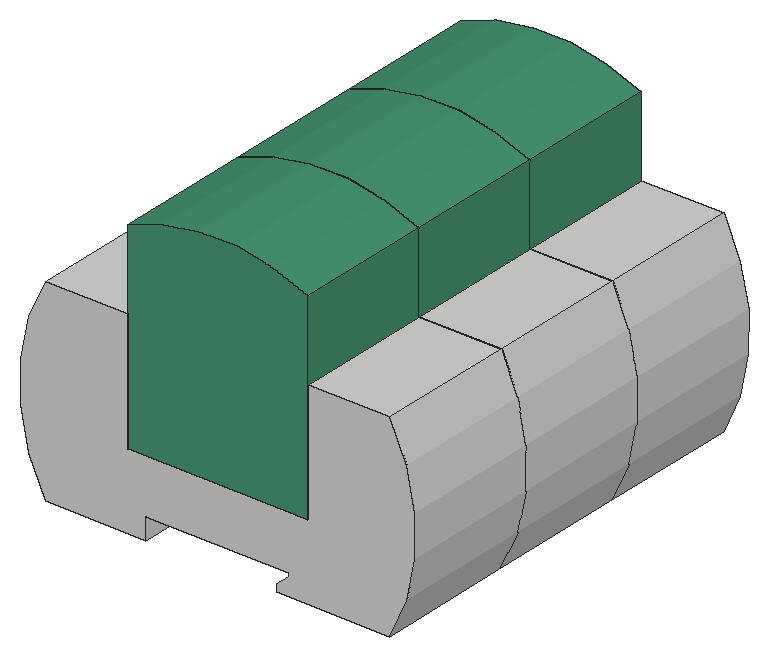
Revit family "Blitzstormableiter 3-polig", category Generic Models, Revit 2015
Parameters (values of type "MC 50-B 3")
  Width 1 = 44.9 mm
  Width = 100 mm
  URL = "http://www.obo-bettermann.com"
  Material 2 = PA6 GF20 FR HF RAL 6029
  Material = PA6 MF15 GRAU
  Manufacturer Art.No. = "5096876"
  Manufacturer = "OBO Bettermann"
  Length = 105 mm
  Height 1 = 49.5 mm
  Height = 74.7 mm
  GTIN = "4012195077046"
  Article Type = "MC 50-B 3"
Reference planes
  plane 1 "Center (Front/Back)": y = 0
  plane 2: z = 0
  plane 3 "Center (Left/Right)": x = 0
  plane 4: z = 49.5
  plane 5: x = -50
  plane 6: x = 50
  plane 7: y = 35
  plane 8: z = 74.7
  plane 9: z = 69.58
  plane 10: y = 70
  plane 11: y = 105
Forms (mm)
  Extrusion 1, solid, material "PA6 MF15 GRAU" <- "Material"
    sketch origin (0, 0, 0) x (1, 0, 0) y (0, 0, 1)
      loop
        line (-18, 0.011) -> (-18, 5.5) -> (18, 5.5) -> (18, 4.48) -> (15, 1.772) -> (15, -0.016) -> (43.44, -0.016)
        arc (43.44, -0.016) -> (49.992, 24.724) -> (43.5, 49.481) r 50.213
        line (43.5, 49.481) -> (22.7, 49.481) -> (22.7, 19) -> (-22.7, 19) -> (-22.7, 49.513) -> (-43.4, 49.513)
        arc (-43.4, 49.513) -> (-50.021, 24.767) -> (-43.44, 0.011) r 49.702
        line (-43.44, 0.011) -> (-18, 0.011)
    from -35 to 0
  Extrusion 2, solid, material "PA6 GF20 FR HF RAL 6029" <- "Material 2"
    sketch origin (0, 0, 0) x (1, 0, 0) y (0, 0, 1)
      loop
        line (-22.7, 69.58) -> (-22.7, 19) -> (22.7, 19) -> (22.7, 69.58)
        arc (22.7, 69.58) -> (0, 74.7) -> (-22.7, 69.58) r 52.881
    from -35 to 0
  Extrusion 3, solid, material "PA6 MF15 GRAU" <- "Material"
    sketch origin (0, 0, 0) x (1, 0, 0) y (0, 0, 1)
      loop
        line (-22.7, 49.513) -> (-43.4, 49.513)
        arc (-43.4, 49.513) -> (-50.021, 24.767) -> (-43.44, 0.011) r 49.702
        line (-43.44, 0.011) -> (-18, 0.011) -> (-18, 5.5) -> (18, 5.5) -> (18, 4.48) -> (15, 1.772) -> (15, -0.016) -> (43.44, -0.016)
        arc (43.44, -0.016) -> (49.992, 24.724) -> (43.5, 49.481) r 50.213
        line (43.5, 49.481) -> (22.7, 49.481) -> (22.7, 19) -> (-22.7, 19) -> (-22.7, 49.513)
    from -70 to -35
  Extrusion 4, solid, material "PA6 MF15 GRAU" <- "Material"
    sketch origin (0, 0, 0) x (1, 0, 0) y (0, 0, 1)
      loop
        line (-22.7, 49.513) -> (-43.4, 49.513)
        arc (-43.4, 49.513) -> (-50.021, 24.767) -> (-43.44, 0.011) r 49.702
        line (-43.44, 0.011) -> (-18, 0.011) -> (-18, 5.5) -> (18, 5.5) -> (18, 4.48) -> (15, 1.772) -> (15, -0.016) -> (43.44, -0.016)
        arc (43.44, -0.016) -> (49.992, 24.724) -> (43.5, 49.481) r 50.213
        line (43.5, 49.481) -> (22.7, 49.481) -> (22.7, 19) -> (-22.7, 19) -> (-22.7, 49.513)
    from -105 to -70
  Extrusion 5, solid, material "PA6 GF20 FR HF RAL 6029" <- "Material 2"
    sketch origin (0, 0, 0) x (1, 0, 0) y (0, 0, 1)
      loop
        line (-22.7, 69.58) -> (-22.7, 19) -> (22.7, 19) -> (22.7, 69.58)
        arc (22.7, 69.58) -> (0, 74.7) -> (-22.7, 69.58) r 52.881
    from -70 to -35
  Extrusion 6, solid, material "PA6 GF20 FR HF RAL 6029" <- "Material 2"
    sketch origin (0, 0, 0) x (1, 0, 0) y (0, 0, 1)
      loop
        line (-22.7, 69.58) -> (-22.7, 19) -> (22.7, 19) -> (22.7, 69.58)
        arc (22.7, 69.58) -> (0, 74.7) -> (-22.7, 69.58) r 52.881
    from -105 to -70
Dimensions and locks
  locked: Extrusion 1 sketch curve to level at 5.5
  locked: Extrusion 1 sketch curve to Extrusion 1 sketch curve at 36
  locked: plane 3 "Center (Left/Right)" to Extrusion 1 sketch curve at 18
  locked: Extrusion 1 sketch curve to Extrusion 1 sketch curve at 33
  locked: Extrusion 1 sketch curve to level at 1.772
  locked: Extrusion 1 sketch curve to Extrusion 1 sketch curve at 1.02
  locked: Extrusion 1 sketch curve to Extrusion 1 sketch curve at 86.88
  locked: plane 3 "Center (Left/Right)" to Extrusion 1 sketch curve at 43.44
  "Height 1": plane 4 to level
  locked: Extrusion 1 sketch curve to Extrusion 1 sketch curve at 86.9
  "Width": plane 6 to plane 5
  locked: plane 3 "Center (Left/Right)" to plane 5 at 50
  locked: plane 3 "Center (Left/Right)" to Extrusion 1 sketch curve at 43.4
  locked: Extrusion 1 sketch curve to Extrusion 1 sketch curve at 45.4
  equal spacing: Extrusion 1 sketch curve, plane 3 "Center (Left/Right)", Extrusion 1 sketch curve, locked at 22.7 each
  locked: plane 4 to Extrusion 1 sketch curve at 30.5
  "Height": plane 8 to level
  plane 8 to plane 9 = 5.12 mm
  locked: plane 7 to plane 1 "Center (Front/Back)" at 35
  locked: plane 10 to plane 7 at 35
  "Length": plane 11 to plane 1 "Center (Front/Back)"
  radius of Extrusion 2 sketch curve = 52.881 mm
  radius of Extrusion 1 sketch curve = 49.702 mm
  radius of Extrusion 1 sketch curve = 50.213 mm
  aligned and locked: level to plane 2
  aligned and locked: plane 7 to Extrusion 1
  aligned and locked: plane 1 "Center (Front/Back)" to Extrusion 1
  aligned and locked: Extrusion 2 sketch curve to Extrusion 1  (x3)
  aligned and locked: plane 9 to Extrusion 2 sketch curve  (x2)
  aligned and locked: Extrusion 1 to Extrusion 2
  aligned and locked: plane 1 "Center (Front/Back)" to Extrusion 2
  aligned and locked: Extrusion 3 sketch curve to Extrusion 1  (x14)
  aligned and locked: plane 10 to Extrusion 3
  aligned and locked: Extrusion 3 to Extrusion 1
  aligned and locked: Extrusion 4 sketch curve to Extrusion 1  (x14)
  aligned and locked: plane 11 to Extrusion 4
  aligned and locked: Extrusion 4 to plane 10
  aligned and locked: Extrusion 5 sketch curve to Extrusion 2  (x4)
  aligned and locked: plane 10 to Extrusion 5
  aligned and locked: Extrusion 5 to Extrusion 1
  aligned and locked: Extrusion 6 sketch curve to Extrusion 2  (x4)
  aligned and locked: plane 11 to Extrusion 6
  aligned and locked: Extrusion 6 to plane 10
Automatic sketch dimensions
  plane 4 to Extrusion 1 sketch curve = 0.013 mm
  Extrusion 1 sketch curve to Extrusion 1 sketch curve = 0.099 mm
  Extrusion 1 sketch curve to level = 0.016 mm
  Extrusion 1 sketch curve to plane 4 = 0.019 mm
